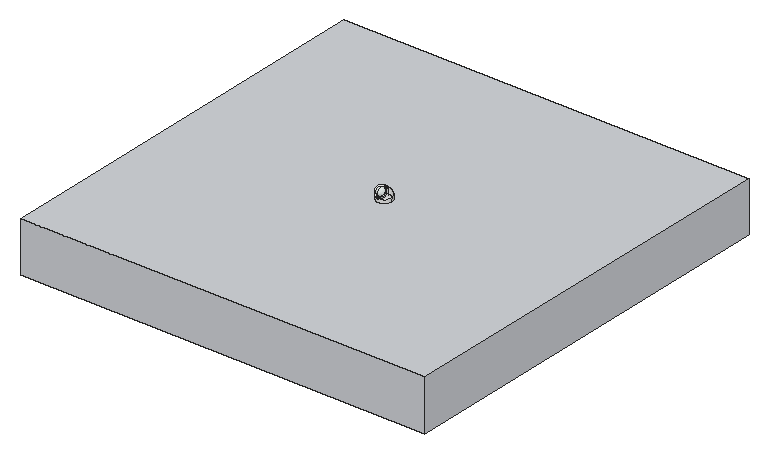
Revit family "Legrand_Gestion_eclairage_Detect_mvt_autonome_360D_Plafond", category Dispositifs d'éclairage, Revit 2020
Family settings
  Hôte = Face
  Conserver l'orientation des annotations = Non
  Cote de connecteur circulaire = Utiliser le diamètre
  Type d'élément = Normal
  Couper avec des vides une fois chargée = Non
  Partagée = Non
  Point de calcul de pièce = Non
Parameters
  Ø zone en plan [instance] = 8000 mm
  position plafond [instance] = 2500 mm
  Zone de detection [instance] = no
  URL = "http://www.legrandoc.com/048943"
  Télécommandable = "non"
  Type de tension = "AC"
  Tension nominale (V) = "230"
  Température (MIN) (°C) = -5
  Température (MAX) (°C) = 45
  Sensibilité réglable = "non"
  Sensibilité lumineuse réglable = "oui"
  Sensibilité lumineuse (MIN) (lx) = 5
  Sensibilité lumineuse (MAX) (lx) = 1275
  Réglage de lumière constante = "oui"
  Product ID = "048943"
  Numéro RAL = "9003"
  Mode de montage = "apparent"
  Indication distance [instance] = Ø zone en plan / 1000  # 8 mm
  Image du type = PH6-Plafond.jpg
  Hauteur maxi de montage (m) = "2.5"
  Gestion alarme = "non"
  Gestion CVC = "non"
  Fréquence (MIN) (Hz) = 50
  Fréquence (MAX) (Hz) = 60
  Fonction variateur intégrée = "non"
  Fabricant = "LEGRAND"
  Exécution = "détecteur de mouvement"
  Etiquette [instance] = no
  Entrée secondaire = "non"
  Default Elevation = 0 mm
  ETIM-5.0 Class = "EC000133"
  Durée d'enclenchement min (s) = "10"
  Durée d'enclenchement max (mn) = "10"
  Description = "DETECT DE MOUVEMENT PIR 360 DEGRES MUR PLAFOND IP55"
  Courant de démarrage max (A) = "4.3"
  Coupure forcée = "non"
  Couleur = "blanc"
  Condition Générale d'Utilisation = "https://export.legrand.com/CGU-objets-BIM"
  Code d'assemblage = "D5010200"
  Classe de protection (IP) = "IP55"
  Capacité de coupure max (W) = 1000
  Angle de détection horizontal (MIN) (°) = 0
  Angle de détection horizontal (MAX) (°) = 360
  Adapté pour transmission sans fil = "non"
Reference planes
  plane 1 "Centre (avant/arrière)": y = 0
  plane 2: z = 0
  plane 3 "Centre (gauche/droite)": x = 0
Forms (mm)
  Extrusion 1, solid
    sketch origin (0, 0, 0) x (1, 0, 0) y (0, 1, 0)
      loop
        line (-1219.2, 1219.2) -> (-1219.2, -1219.2) -> (1219.2, -1219.2) -> (1219.2, 1219.2) -> (-1219.2, 1219.2)
    from 0 to -304.8
Dimensions and locks
  aligned and locked: plane 2 to Extrusion 1
  aligned and locked: level to Extrusion 1
  aligned and locked: nested 1 to plane 2
Nested families
  nested 1: "048943 plaf" at (0, 0, 0), type "048943 plaf"
  nested 2: "Symbole C" at (0, 0, 0), type "Symbole C"
  nested 3: "Zone Plafond" at (0, 0, 0), visible <- "Zone de detection", Ø zone en plan <- "Ø zone en plan", type "Zone Plafond"
    with Ø zone en plan 8000 mm, Ø Interieur 5333.333 mm
  nested 4: "Détection 360 Dia" at (0, 123.269, 0), visible <- "Etiquette", Indication distance <- "Indication distance", type "Détection 360 Dia"
    with Indication distance 8 mm
Connectors
  electrical at (0, 0, 0)
    settings: on nested 1, index 1, voltage 230 V, apparent load 0 VA, apparent load phase1 0 VA, apparent load phase2 0 VA, apparent load phase3 0 VA, power factor 1, load classification "Autre", number of poles 1, system type 31, power factor state 1, is connector primary yes, connector utility no, sub classification motor no, connector description ""
Definition of nested family "048943 plaf"
  Parameters (values of type "048943 plaf")
    Optique = none
    built-in parameter 1140140 [instance] = 1 (stored number, unit not read)
    Finition = none
    Default Elevation = 0 mm
    built-in parameter 1140142 [instance] = -1
    built-in parameter 1155100 [instance] = -1
  Reference planes
    plane 1 "Centre (avant/arrière)": y = 0
    plane 2: z = 0
    plane 3 "Centre (gauche/droite)": x = 0
  Forms (mm)
    SweptBlend 1, solid, material <- "Finition"
      path origin (0, -45.25, 0) x (0, 0, -1) y (0, 1, 0)
        loop
          arc (-20.345, 67.875) -> (-47.049, 62.401) -> (-69.446, 46.863) r 67.875
      profile origin (0, 22.625, 20.345) x (0, -1, 0) y (1, 0, 0)
        loop
          circle (22.625, 0) r 44.25
      end profile origin (0, 1.613, 69.446) x (0, -0.690434, -0.723395) y (1, 0, 0)
        loop
          spline (32.637, -33) -> (41.176, -31.876) -> (49.132, -28.579) -> (55.965, -23.335) -> (61.208, -16.5) -> (64.504, -8.541) -> (65.628, 0) -> (64.504, 8.541) -> (61.208, 16.5) -> (55.965, 23.335) -> (49.132, 28.579) -> (41.176, 31.876) -> (32.637, 33)
          spline (32.637, 33) -> (24.098, 31.876) -> (16.141, 28.579) -> (9.309, 23.335) -> (4.066, 16.5) -> (0.77, 8.541) -> (-0.354, 0) -> (0.77, -8.541) -> (4.066, -16.5) -> (9.309, -23.335) -> (16.141, -28.579) -> (24.098, -31.876) -> (32.637, -33)
    Extrusion 2, solid, material <- "Finition"
      sketch origin (0, -20.92, 45.836) x (0, 0.690434, 0.723395) y (-1, 0, 0)
        loop
          arc (0, -33) -> (32.991, 0) -> (0, 33) r 33
          arc (0, 33) -> (-32.991, 0) -> (0, -33) r 33
      from 0 to 10
    Revolve 3, solid, material <- "Optique"
      sketch origin (0, -45.25, 0) x (0, 0, -1) y (0, 1, 0)
        loop
          arc (-69.372, 32.969) -> (-71.978, 17.908) -> (-64.892, 4.364) r 23.816
          line (-64.892, 4.364) -> (-52.74, 17.096) -> (-69.372, 32.969)
        axis (-52.74, 17.096) -> (-64.892, 4.364)
      angle from 0 to 360
    Extrusion 4, solid, material <- "Finition"
      sketch origin (0, -45.25, 12.905) x (1, 0, 0) y (0, 1, 0)
        loop
          circle (0, 45.25) r 44.249
      from -12.905 to 7.44
  Dimensions and locks
    aligned and locked: level to plane 2
    aligned and locked: Revolve 3 to Extrusion 2
    aligned and locked: Extrusion 4 to level
    aligned and locked: Extrusion 4 to SweptBlend 1
Definition of nested family "Symbole C"
  Reference planes
    plane 1: y = 0
    plane 2: x = 0
  Lines and regions (mm)
    detail lines
      curve 1: circle (0, 0, 0) r 0.872 normal (0, 0, 1)
      curve 2: circle (0, -0.457, 0) r 0.406 normal (0, 0, 1)
  Text (mm)
    text "IR" at (-0.268, -0.989, 0)
  Dimensions and locks
    aligned and locked: plane 1 to curve 1
    aligned and locked: plane 2 to curve 2
Definition of nested family "Zone Plafond"
  Parameters (values of type "Zone Plafond")
    Ø zone en plan [instance] = 4000 mm
    Ø Interieur [instance] = Ø zone en plan / 1.5  # 2666.667 mm
  Reference planes
    plane 1 "Centre (avant/arrière)": y = 0
    plane 2: z = 0
    plane 3 "Centre (gauche/droite)": x = 0
  Lines and regions (mm)
    detail lines, in view "Niveau de réf."
      curve 1: circle (0, 0, 0) r 2000 normal (0, 0, 1)
  Dimensions and locks
    "Ø zone en plan": diameter of curve 1
    aligned and locked: plane 3 "Centre (gauche/droite)" to curve 1
    aligned and locked: plane 1 "Centre (avant/arrière)" to curve 1
Definition of nested family "Détection 360 Dia"
  Parameters (values of type "Détection 360 Dia")
    Indication distance [instance] = 0 mm
  Reference planes
    plane 1: y = 0
    plane 2: x = 0
  Text (mm)
    label "Détection 360° Ø Indication distancem à 2,5m haut" at (-0.885, 0.234, 0), shows "Indication distance"
